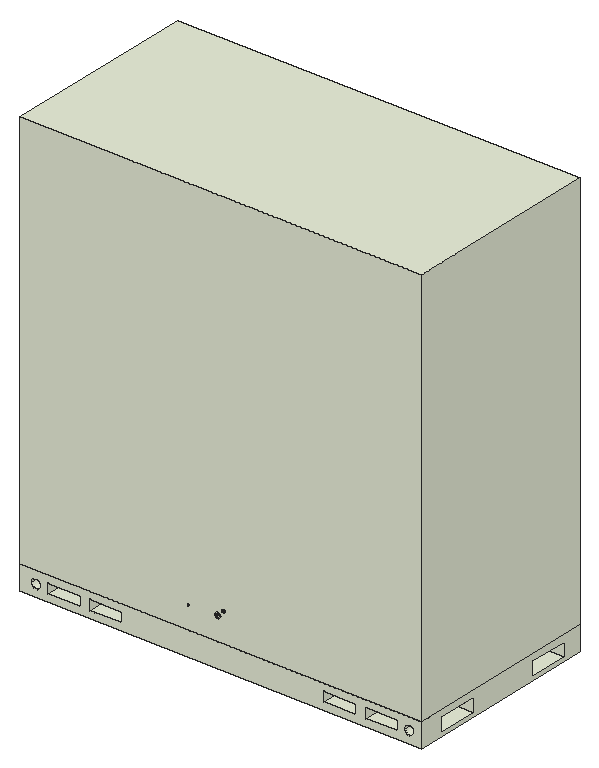
Revit family "AF5300A 67-73-79-85-90 C", category HLS-Bauteile, Revit 2017
Family settings
  Bemaßung runder Anschluss = Durchmesser verwenden
  Teiletyp = Normal
  OmniClass-Nummer = 23.75.00.00
  OmniClass-Titel = Climate Control (HVAC)
  Arbeitsebenenbasiert = Nein
  Immer vertikal = Ja
  Beim Laden mit Abzugskörper schneiden = Nein
  Gemeinsam genutzt = Nein
  Raumberechnungspunkt = Nein
Parameters (values of type "AF5300A 85 C-3")
  clearance access right = 1000.000 mm
  clearance access left = 1000.000 mm
  clearance access front = 1000.000 mm
  clearance access behind = 1000.000 mm
  clearance [instance] = no
  Width = 1730.000 mm
  URL = ""
  Series = "VRF"
  Power supply = "380-415V 3N~50Hz/60Hz"
  Net Weight = 475.00 kg
  Modell = "AF5300A 85 C-3"
  Minimum Circuit Amps = 64.9 A
  Maximum Fuse Amps = 80 A
  Hersteller = "Bosch"
  Machine material = Galvanized Steel
  Liquid pipe = 22.200 mm
  Installation = "Outdoor installation"
  Height = 1830.000 mm
  Heating Power Input = 23.000 kW
  Heating Capacity = 85.000 kW
  Gas pipe = 38.100 mm
  Gas = "R410A"
  Beschreibung = "High efficiency air cooled"
  Depth = 850.000 mm
  Cooling Power Input = 27.400 kW
  Cooling Capacity = 85.000 kW
  Condensation = "Air"
  Compressor = "2"
  Casing color = "White"
  Air Flow max = 24000.000 m³/h
Reference planes
  plane 1 "中心(前/后)": y = 0
  plane 2: z = 0
  plane 3 "中心(左/右)": x = 0
  plane 4: z = 30
  plane 5: z = 74
  plane 6: x = 405
  plane 7: x = -405
  plane 8: z = 52
  plane 9: x = -1105
  plane 10: y = -382
  plane 11: y = 468
  plane 12: x = 625
Forms (mm)
  Extrusion 1, solid, material "Galvanized Steel" <- "Machine material", detail levels medium+fine
    sketch origin (0, 0, 0) x (1, 0, 0) y (0, 1, 0)
      loop
        line (0, 468) -> (-1105, 468) -> (-1105, -382) -> (625, -382) -> (625, 468) -> (0, 468)
    from 0 to 104
  Extrusion 2, solid, material "Galvanized Steel" <- "Machine material", detail levels medium+fine
    sketch origin (0, 0, 0) x (1, 0, 0) y (0, 1, 0)
      loop
        line (-1105, 468) -> (-1105, -382) -> (625, -382) -> (625, 468) -> (-1105, 468)
    from 104 to 1830
  Extrusion 3, void
    sketch origin (0, 0, 0) x (0, 1, 0) y (0, 0, 1)
      loop
        line (-292, 104) -> (-292, 0) -> (366.346, 0) -> (366.346, 104) -> (-292, 104)
    from -1005 to 543.074
  Extrusion 4, void
    sketch origin (0, 0, 0) x (1, 0, 0) y (0, 0, 1)
      loop
        circle (573.216, 52) r 20
      loop
        line (383.216, 74) -> (383.216, 30) -> (523.216, 30) -> (523.216, 74) -> (383.216, 74)
      loop
        line (203.216, 74) -> (203.216, 30) -> (343.216, 30) -> (343.216, 74) -> (203.216, 74)
      loop
        circle (-1035.142, 52) r 20
      loop
        line (-845.142, 74) -> (-985.142, 74) -> (-985.142, 30) -> (-845.142, 30) -> (-845.142, 74)
      loop
        line (-665.142, 74) -> (-805.142, 74) -> (-805.142, 30) -> (-665.142, 30) -> (-665.142, 74)
    from -468 to 382
  Sweep 5, solid, material "Galvanized Steel" <- "Machine material", detail levels fine
    path origin (-45, 0, 30) x (0, 1, 0) y (0, 0, 1)
      loop
        line (-382, 170) -> (-165, 170)
        arc (-165, 170) -> (-147.322, 177.322) -> (-140, 195) r 25
        line (-140, 195) -> (-140, 280)
    profile origin (-45, -273.5, 200) x (0, 0, 1) y (1, 0, 0)
      loop
        circle (0, -335) r 3
      loop
        circle (0, -335) r 2.031
  Sweep 6, solid, material "Galvanized Steel" <- "Machine material", detail levels fine
    path origin (81.434, 0, 35) x (0, 1, 0) y (0, 0, 1)
      loop
        line (-382, 170) -> (-165, 170)
        arc (-165, 170) -> (-147.322, 177.322) -> (-140, 195) r 25
        line (-140, 195) -> (-140, 365)
    profile origin (81.434, -273.5, 205) x (0, 0, 1) y (1, 0, 0)
      loop
        circle (0, -335) r 11.1
      loop
        circle (0, -335) r 7.972
  Sweep 7, solid, material "Galvanized Steel" <- "Machine material", detail levels fine
    path origin (105.511, 0, 60) x (0, 1, 0) y (0, 0, 1)
      loop
        line (-382, 170) -> (-165, 170)
        arc (-165, 170) -> (-147.322, 177.322) -> (-140, 195) r 25
        line (-140, 195) -> (-140, 365)
    profile origin (105.511, -273.5, 230) x (0, 0, 1) y (1, 0, 0)
      loop
        circle (0, -335) r 7.95
      loop
        circle (0, -335) r 5
  Extrusion 8, void
    sketch origin (-1105, -382, 0) x (0, -1, 0) y (0, 0, -1)
      loop
        line (-280, -75) -> (-105, -75) -> (-105, -15) -> (-280, -15) -> (-280, -75)
      loop
        line (-595, -75) -> (-595, -15) -> (-770, -15) -> (-770, -75) -> (-595, -75)
    from 0 to 1730
  Extrusion 9, solid, material "Galvanized Steel" <- "Machine material", detail levels fine
    sketch origin (194.131, -1524, 170) x (1, 0, 0) y (0, 1, 0)
      loop
        line (-320.073, 1424) -> (-208.634, 1424) -> (-208.634, 1444) -> (-471.057, 1444) -> (-471.057, 1424) -> (-320.073, 1424)
    from -44 to 237.15
  Extrusion 10, solid, detail levels fine
    sketch origin (-461.926, 0, 0) x (0, 1, 0) y (0, 0, -1)
      loop
        circle (0, -226) r 10
    from -625 to -556.994
Cuts and joins
  Extrusion 3, Extrusion 4, Extrusion 8 cuts Extrusion 1
  Extrusion 3 cuts Extrusion 2
Lines and regions (mm)
  model lines, detail levels fine
    curve 1: circle (127.5, 2, 1830) r 200 normal (0, 0, 1)
    curve 2: circle (127.5, 2, 1830) r 160 normal (0, 0, 1)
    curve 3: circle (127.5, 2, 1830) r 120 normal (0, 0, 1)
    curve 4: circle (127.5, 2, 1830) r 80 normal (0, 0, 1)
    curve 5: circle (127.5, 2, 1830) r 40 normal (0, 0, 1)
    curve 6: circle (-792.5, 2, 1830) r 200 normal (0, 0, 1)
    curve 7: circle (-792.5, 2, 1830) r 160 normal (0, 0, 1)
    curve 8: circle (-792.5, 2, 1830) r 120 normal (0, 0, 1)
    curve 9: circle (-792.5, 2, 1830) r 80 normal (0, 0, 1)
    curve 10: circle (-792.5, 2, 1830) r 40 normal (0, 0, 1)
    curve 11: circle (127.5, 2, 1830) r 245.734 normal (0, 0, 1)
    curve 12: circle (-792.5, 2, 1830) r 240 normal (0, 0, 1)
    curve 13: arc (-792.5, 2, 1830) -> (-672.5, 122, 1830) -> (-792.5, 242, 1830) r 120
    curve 14: arc (-792.5, 2, 1830) -> (-672.5, -118, 1830) -> (-552.5, 2, 1830) r 120
    curve 15: arc (-792.5, 2, 1830) -> (-912.5, -118, 1830) -> (-792.5, -238, 1830) r 120
    curve 16: arc (-792.5, 2, 1830) -> (-912.5, 122, 1830) -> (-1032.5, 2, 1830) r 120
    curve 28: line (525, 468, 1824) -> (525, 468, 104)
    curve 29: arc (127.5, 2, 1830) -> (247.5, 122, 1830) -> (127.5, 242, 1830) r 120
    curve 30: arc (127.5, 2, 1830) -> (247.5, -118, 1830) -> (367.5, 2, 1830) r 120
    curve 31: arc (127.5, 2, 1830) -> (7.5, -118, 1830) -> (127.5, -238, 1830) r 120
    curve 32: arc (127.5, 2, 1830) -> (7.5, 122, 1830) -> (-112.5, 2, 1830) r 120
    curve 33: line (-1105, 408, 0) -> (-1105, 408, 1830)
    curve 34: line (-1105, 368, 1479.689) -> (-1105, 328, 1479.689)
    curve 35: line (-1105, 328, 1479.689) -> (-1105, 328, 1279.689)
    curve 36: line (-1105, 328, 1279.689) -> (-1105, 368, 1279.689)
    curve 37: line (-1105, 368, 1279.689) -> (-1105, 368, 1479.689)
    curve 38: line (-1105, 368, 723.406) -> (-1105, 328, 723.406)
    curve 39: line (-1105, 328, 723.406) -> (-1105, 328, 523.406)
    curve 40: line (-1105, 328, 523.406) -> (-1105, 368, 523.406)
    curve 41: line (-1105, 368, 523.406) -> (-1105, 368, 723.406)
    curve 42: line (-1105, 368, 995.969) -> (-1105, 328, 995.969)
    curve 43: line (-1105, 328, 995.969) -> (-1105, 328, 795.969)
    curve 44: line (-1105, 328, 795.969) -> (-1105, 368, 795.969)
    curve 45: line (-1105, 368, 795.969) -> (-1105, 368, 995.969)
    curve 46: line (-1105, 368, 426) -> (-1105, 328, 426)
    curve 47: line (-1105, 328, 426) -> (-1105, 328, 226)
    curve 48: line (-1105, 328, 226) -> (-1105, 368, 226)
    curve 49: line (-1105, 368, 226) -> (-1105, 368, 426)
    curve 50: line (-1105, 282, 1423.406) -> (-1105, 40, 1423.406)
    curve 51: line (-1105, 282, 1423.406) -> (-1105, 240.958, 1310.642)
    curve 52: line (-1105, 240.958, 1310.642) -> (-1105, -1.042, 1310.642)
    curve 53: line (-1105, 40, 1423.406) -> (-1105, -1.042, 1310.642)
    curve 54: line (-1105, -42, 1423.406) -> (-1105, -284, 1423.406)
    curve 55: line (-1105, -42, 1423.406) -> (-1105, -83.042, 1310.642)
    curve 56: line (-1105, -83.042, 1310.642) -> (-1105, -325.042, 1310.642)
    curve 57: line (-1105, -284, 1423.406) -> (-1105, -325.042, 1310.642)
    curve 58: line (-1105, 282, 1243.406) -> (-1105, 40, 1243.406)
    curve 59: line (-1105, 282, 1243.406) -> (-1105, 240.958, 1130.642)
    curve 60: line (-1105, 240.958, 1130.642) -> (-1105, -1.042, 1130.642)
    curve 61: line (-1105, 40, 1243.406) -> (-1105, -1.042, 1130.642)
    curve 62: line (-1105, -42, 1243.406) -> (-1105, -284, 1243.406)
    curve 63: line (-1105, -42, 1243.406) -> (-1105, -83.042, 1130.642)
    curve 64: line (-1105, -83.042, 1130.642) -> (-1105, -325.042, 1130.642)
    curve 65: line (-1105, -284, 1243.406) -> (-1105, -325.042, 1130.642)
    curve 66: line (-1105, 282, 1063.406) -> (-1105, 40, 1063.406)
    curve 67: line (-1105, 282, 1063.406) -> (-1105, 240.958, 950.642)
    curve 68: line (-1105, 240.958, 950.642) -> (-1105, -1.042, 950.642)
    curve 69: line (-1105, 40, 1063.406) -> (-1105, -1.042, 950.642)
    curve 70: line (-1105, -42, 1063.406) -> (-1105, -284, 1063.406)
    curve 71: line (-1105, -42, 1063.406) -> (-1105, -83.042, 950.642)
    curve 72: line (-1105, -83.042, 950.642) -> (-1105, -325.042, 950.642)
    curve 73: line (-1105, -284, 1063.406) -> (-1105, -325.042, 950.642)
    curve 74: line (-1105, 282, 883.406) -> (-1105, 40, 883.406)
    curve 75: line (-1105, 282, 883.406) -> (-1105, 240.958, 770.642)
    curve 76: line (-1105, 240.958, 770.642) -> (-1105, -1.042, 770.642)
    curve 77: line (-1105, 40, 883.406) -> (-1105, -1.042, 770.642)
    curve 78: line (-1105, -42, 883.406) -> (-1105, -284, 883.406)
    curve 79: line (-1105, -42, 883.406) -> (-1105, -83.042, 770.642)
    curve 80: line (-1105, -83.042, 770.642) -> (-1105, -325.042, 770.642)
    curve 81: line (-1105, -284, 883.406) -> (-1105, -325.042, 770.642)
    curve 82: line (-1105, 282, 703.406) -> (-1105, 40, 703.406)
    curve 83: line (-1105, 282, 703.406) -> (-1105, 240.958, 590.642)
    curve 84: line (-1105, 240.958, 590.642) -> (-1105, -1.042, 590.642)
    curve 85: line (-1105, 40, 703.406) -> (-1105, -1.042, 590.642)
    curve 86: line (-1105, -42, 703.406) -> (-1105, -284, 703.406)
    curve 87: line (-1105, -42, 703.406) -> (-1105, -83.042, 590.642)
    curve 88: line (-1105, -83.042, 590.642) -> (-1105, -325.042, 590.642)
    curve 89: line (-1105, -284, 703.406) -> (-1105, -325.042, 590.642)
    curve 90: line (-1105, 282, 523.406) -> (-1105, 40, 523.406)
    curve 91: line (-1105, 282, 523.406) -> (-1105, 240.958, 410.642)
    curve 92: line (-1105, 240.958, 410.642) -> (-1105, -1.042, 410.642)
    curve 93: line (-1105, 40, 523.406) -> (-1105, -1.042, 410.642)
    curve 94: line (-1105, -42, 523.406) -> (-1105, -284, 523.406)
    curve 95: line (-1105, -42, 523.406) -> (-1105, -83.042, 410.642)
    curve 96: line (-1105, -83.042, 410.642) -> (-1105, -325.042, 410.642)
    curve 97: line (-1105, -284, 523.406) -> (-1105, -325.042, 410.642)
    curve 98: line (-1105, 282, 343.406) -> (-1105, 40, 343.406)
    curve 99: line (-1105, 282, 343.406) -> (-1105, 240.958, 230.642)
    curve 100: line (-1105, 240.958, 230.642) -> (-1105, -1.042, 230.642)
    curve 101: line (-1105, 40, 343.406) -> (-1105, -1.042, 230.642)
    curve 102: line (-1105, -42, 343.406) -> (-1105, -284, 343.406)
    curve 103: line (-1105, -42, 343.406) -> (-1105, -83.042, 230.642)
    curve 104: line (-1105, -83.042, 230.642) -> (-1105, -325.042, 230.642)
    curve 105: line (-1105, -284, 343.406) -> (-1105, -325.042, 230.642)
    curve 106: line (-1105, 368, 1235.969) -> (-1105, 328, 1235.969)
    curve 107: line (-1105, 328, 1235.969) -> (-1105, 328, 1035.969)
    curve 108: line (-1105, 328, 1035.969) -> (-1105, 368, 1035.969)
    curve 109: line (-1105, 368, 1035.969) -> (-1105, 368, 1235.969)
    curve 110: line (-1105, 211.629, 1760.245) -> (-1105, -208.371, 1760.245)
    curve 111: line (-1105, -208.371, 1760.245) -> (-1105, -208.371, 1580.245)
    curve 112: line (-1105, -208.371, 1580.245) -> (-1105, 211.629, 1580.245)
    curve 113: line (-1105, 211.629, 1580.245) -> (-1105, 211.629, 1760.245)
    curve 114: line (625, 408, 0) -> (625, 408, 1830)
    curve 115: line (625, 368, 1479.689) -> (625, 328, 1479.689)
    curve 116: line (625, 328, 1479.689) -> (625, 328, 1279.689)
    curve 117: line (625, 328, 1279.689) -> (625, 368, 1279.689)
    curve 118: line (625, 368, 1279.689) -> (625, 368, 1479.689)
    curve 119: line (625, 368, 723.406) -> (625, 328, 723.406)
    curve 120: line (625, 328, 723.406) -> (625, 328, 523.406)
    curve 121: line (625, 328, 523.406) -> (625, 368, 523.406)
    curve 122: line (625, 368, 523.406) -> (625, 368, 723.406)
    curve 123: line (625, 368, 995.969) -> (625, 328, 995.969)
    curve 124: line (625, 328, 995.969) -> (625, 328, 795.969)
    curve 125: line (625, 328, 795.969) -> (625, 368, 795.969)
    curve 126: line (625, 368, 795.969) -> (625, 368, 995.969)
    curve 127: line (625, 368, 426) -> (625, 328, 426)
    curve 128: line (625, 328, 426) -> (625, 328, 226)
    curve 129: line (625, 328, 226) -> (625, 368, 226)
    curve 130: line (625, 368, 226) -> (625, 368, 426)
    curve 131: line (625, 282, 1423.406) -> (625, 40, 1423.406)
    curve 132: line (625, 282, 1423.406) -> (625, 240.958, 1310.642)
    curve 133: line (625, 240.958, 1310.642) -> (625, -1.042, 1310.642)
    curve 134: line (625, 40, 1423.406) -> (625, -1.042, 1310.642)
    curve 135: line (625, -42, 1423.406) -> (625, -284, 1423.406)
    curve 136: line (625, -42, 1423.406) -> (625, -83.042, 1310.642)
    curve 137: line (625, -83.042, 1310.642) -> (625, -325.042, 1310.642)
    curve 138: line (625, -284, 1423.406) -> (625, -325.042, 1310.642)
    curve 139: line (625, 282, 1243.406) -> (625, 40, 1243.406)
    curve 140: line (625, 282, 1243.406) -> (625, 240.958, 1130.642)
    curve 141: line (625, 240.958, 1130.642) -> (625, -1.042, 1130.642)
    curve 142: line (625, 40, 1243.406) -> (625, -1.042, 1130.642)
    curve 143: line (625, -42, 1243.406) -> (625, -284, 1243.406)
    curve 144: line (625, -42, 1243.406) -> (625, -83.042, 1130.642)
    curve 145: line (625, -83.042, 1130.642) -> (625, -325.042, 1130.642)
    curve 146: line (625, -284, 1243.406) -> (625, -325.042, 1130.642)
    curve 147: line (625, 282, 1063.406) -> (625, 40, 1063.406)
    curve 148: line (625, 282, 1063.406) -> (625, 240.958, 950.642)
    curve 149: line (625, 240.958, 950.642) -> (625, -1.042, 950.642)
    curve 150: line (625, 40, 1063.406) -> (625, -1.042, 950.642)
    curve 151: line (625, -42, 1063.406) -> (625, -284, 1063.406)
    curve 152: line (625, -42, 1063.406) -> (625, -83.042, 950.642)
    curve 153: line (625, -83.042, 950.642) -> (625, -325.042, 950.642)
    curve 154: line (625, -284, 1063.406) -> (625, -325.042, 950.642)
    curve 155: line (625, 282, 883.406) -> (625, 40, 883.406)
    curve 156: line (625, 282, 883.406) -> (625, 240.958, 770.642)
    curve 157: line (625, 240.958, 770.642) -> (625, -1.042, 770.642)
    curve 158: line (625, 40, 883.406) -> (625, -1.042, 770.642)
    curve 159: line (625, -42, 883.406) -> (625, -284, 883.406)
    curve 160: line (625, -42, 883.406) -> (625, -83.042, 770.642)
    curve 161: line (625, -83.042, 770.642) -> (625, -325.042, 770.642)
    curve 162: line (625, -284, 883.406) -> (625, -325.042, 770.642)
    curve 163: line (625, 282, 703.406) -> (625, 40, 703.406)
    curve 164: line (625, 282, 703.406) -> (625, 240.958, 590.642)
    curve 165: line (625, 240.958, 590.642) -> (625, -1.042, 590.642)
    curve 166: line (625, 40, 703.406) -> (625, -1.042, 590.642)
    curve 167: line (625, -42, 703.406) -> (625, -284, 703.406)
    curve 168: line (625, -42, 703.406) -> (625, -83.042, 590.642)
    curve 169: line (625, -83.042, 590.642) -> (625, -325.042, 590.642)
    curve 170: line (625, -284, 703.406) -> (625, -325.042, 590.642)
    curve 171: line (625, 282, 523.406) -> (625, 40, 523.406)
    curve 172: line (625, 282, 523.406) -> (625, 240.958, 410.642)
    curve 173: line (625, 240.958, 410.642) -> (625, -1.042, 410.642)
    curve 174: line (625, 40, 523.406) -> (625, -1.042, 410.642)
    curve 175: line (625, -42, 523.406) -> (625, -284, 523.406)
    curve 176: line (625, -42, 523.406) -> (625, -83.042, 410.642)
    curve 177: line (625, -83.042, 410.642) -> (625, -325.042, 410.642)
    curve 178: line (625, -284, 523.406) -> (625, -325.042, 410.642)
    curve 179: line (625, 282, 343.406) -> (625, 40, 343.406)
    curve 180: line (625, 282, 343.406) -> (625, 240.958, 230.642)
    curve 181: line (625, 240.958, 230.642) -> (625, -1.042, 230.642)
    curve 182: line (625, 40, 343.406) -> (625, -1.042, 230.642)
    curve 183: line (625, -42, 343.406) -> (625, -284, 343.406)
    curve 184: line (625, -42, 343.406) -> (625, -83.042, 230.642)
    curve 185: line (625, -83.042, 230.642) -> (625, -325.042, 230.642)
    curve 186: line (625, -284, 343.406) -> (625, -325.042, 230.642)
    curve 187: line (625, 368, 1235.969) -> (625, 328, 1235.969)
    curve 188: line (625, 328, 1235.969) -> (625, 328, 1035.969)
    curve 189: line (625, 328, 1035.969) -> (625, 368, 1035.969)
    curve 190: line (625, 368, 1035.969) -> (625, 368, 1235.969)
    curve 191: line (-240, -382, 126) -> (-240, -382, 1830)
    curve 192: line (-295, -382, 126) -> (-295, -382, 1830)
    curve 193: line (-180, 468, 1830) -> (-180, 468, 104)
    curve 194: line (-276.926, 468, 1830) -> (-276.926, 468, 104)
    curve 195: line (-197.788, 468, 1517.476) -> (-262.788, 468, 1517.476)
    curve 196: line (-262.788, 468, 1517.476) -> (-262.788, 468, 1385.054)
    curve 197: line (-262.788, 468, 1385.054) -> (-197.788, 468, 1385.054)
    curve 198: line (-197.788, 468, 1385.054) -> (-197.788, 468, 1517.476)
    curve 199: line (-197.788, 468, 1362.476) -> (-262.788, 468, 1362.476)
    curve 200: line (-262.788, 468, 1362.476) -> (-262.788, 468, 1230.054)
    curve 201: line (-262.788, 468, 1230.054) -> (-197.788, 468, 1230.054)
    curve 202: line (-197.788, 468, 1230.054) -> (-197.788, 468, 1362.476)
    curve 203: line (-197.788, 468, 1207.476) -> (-262.788, 468, 1207.476)
    curve 204: line (-262.788, 468, 1207.476) -> (-262.788, 468, 1075.054)
    curve 205: line (-262.788, 468, 1075.054) -> (-197.788, 468, 1075.054)
    curve 206: line (-197.788, 468, 1075.054) -> (-197.788, 468, 1207.476)
    curve 207: line (-197.788, 468, 1052.476) -> (-262.788, 468, 1052.476)
    curve 208: line (-262.788, 468, 1052.476) -> (-262.788, 468, 920.054)
    curve 209: line (-262.788, 468, 920.054) -> (-197.788, 468, 920.054)
    curve 210: line (-197.788, 468, 920.054) -> (-197.788, 468, 1052.476)
    curve 211: line (-197.788, 468, 897.476) -> (-262.788, 468, 897.476)
    curve 212: line (-262.788, 468, 897.476) -> (-262.788, 468, 765.054)
    curve 213: line (-262.788, 468, 765.054) -> (-197.788, 468, 765.054)
    curve 214: line (-197.788, 468, 765.054) -> (-197.788, 468, 897.476)
    curve 215: line (-197.788, 468, 742.476) -> (-262.788, 468, 742.476)
    curve 216: line (-262.788, 468, 742.476) -> (-262.788, 468, 610.054)
    curve 217: line (-262.788, 468, 610.054) -> (-197.788, 468, 610.054)
    curve 218: line (-197.788, 468, 610.054) -> (-197.788, 468, 742.476)
    curve 219: line (-197.788, 468, 587.476) -> (-262.788, 468, 587.476)
    curve 220: line (-262.788, 468, 587.476) -> (-262.788, 468, 455.054)
    curve 221: line (-262.788, 468, 455.054) -> (-197.788, 468, 455.054)
    curve 222: line (-197.788, 468, 455.054) -> (-197.788, 468, 587.476)
    curve 223: line (-197.788, 468, 432.476) -> (-262.788, 468, 432.476)
    curve 224: line (-262.788, 468, 432.476) -> (-262.788, 468, 300.054)
    curve 225: line (-262.788, 468, 300.054) -> (-197.788, 468, 300.054)
    curve 226: line (-197.788, 468, 300.054) -> (-197.788, 468, 432.476)
    curve 227: line (-197.788, 468, 277.476) -> (-262.788, 468, 277.476)
    curve 228: line (-262.788, 468, 277.476) -> (-262.788, 468, 145.054)
    curve 229: line (-262.788, 468, 145.054) -> (-197.788, 468, 145.054)
    curve 230: line (-197.788, 468, 145.054) -> (-197.788, 468, 277.476)
    curve 231: line (367.5, 468, 1530.969) -> (367.5, 468, 104)
    curve 232: line (456.344, 468, 1490.479) -> (-23.656, 468, 1490.479)
    curve 233: line (-23.656, 468, 1490.479) -> (-23.656, 468, 1190.479)
    curve 234: line (-23.656, 468, 1190.479) -> (456.344, 468, 1190.479)
    curve 235: line (474.418, 468, 144.49) -> (-23.656, 468, 144.49)
    curve 236: line (-23.656, 468, 144.49) -> (-23.656, 468, 444.49)
    curve 237: line (-23.656, 468, 444.49) -> (456.344, 468, 444.49)
    curve 238: line (456.344, 468, 667.484) -> (-23.656, 468, 667.484)
    curve 239: line (-23.656, 468, 667.484) -> (-23.656, 468, 967.484)
    curve 240: line (-23.656, 468, 967.484) -> (456.344, 468, 967.484)
    curve 241: line (-204.073, -382, 1085.054) -> (-24.073, -382, 1085.054)
    curve 242: line (-204.073, -382, 1105.054) -> (-24.073, -382, 1105.054)
    curve 243: line (-204.073, -382, 1125.054) -> (-24.073, -382, 1125.054)
    curve 244: line (-204.073, -382, 1145.054) -> (-24.073, -382, 1145.054)
    curve 245: line (-204.073, -382, 1165.054) -> (-24.073, -382, 1165.054)
    curve 246: line (-204.073, -382, 1185.054) -> (-24.073, -382, 1185.054)
    curve 247: line (-204.073, -382, 1205.054) -> (-24.073, -382, 1205.054)
    curve 248: line (-204.073, -382, 1225.054) -> (-24.073, -382, 1225.054)
    curve 249: line (-204.073, -382, 1245.054) -> (-24.073, -382, 1245.054)
    curve 250: line (-204.073, -382, 1265.054) -> (-24.073, -382, 1265.054)
    curve 251: line (-204.073, -382, 1285.054) -> (-24.073, -382, 1285.054)
    curve 252: line (-204.073, -382, 1305.054) -> (-24.073, -382, 1305.054)
    curve 253: line (-204.073, -382, 1325.054) -> (-24.073, -382, 1325.054)
    curve 254: line (-204.073, -382, 1345.054) -> (-24.073, -382, 1345.054)
    curve 255: line (-204.073, -382, 1365.054) -> (-24.073, -382, 1365.054)
    curve 256: line (-204.073, -382, 1385.054) -> (-24.073, -382, 1385.054)
    curve 257: line (-204.073, -382, 1405.054) -> (-24.073, -382, 1405.054)
    curve 258: line (-204.073, -382, 1425.054) -> (-24.073, -382, 1425.054)
    curve 259: line (-204.073, -382, 1445.054) -> (-24.073, -382, 1445.054)
    curve 260: line (35.927, -382, 1085.054) -> (215.927, -382, 1085.054)
    curve 261: line (35.927, -382, 1105.054) -> (215.927, -382, 1105.054)
    curve 262: line (35.927, -382, 1125.054) -> (215.927, -382, 1125.054)
    curve 263: line (35.927, -382, 1145.054) -> (215.927, -382, 1145.054)
    curve 264: line (35.927, -382, 1165.054) -> (215.927, -382, 1165.054)
    curve 265: line (35.927, -382, 1185.054) -> (215.927, -382, 1185.054)
    curve 266: line (35.927, -382, 1205.054) -> (215.927, -382, 1205.054)
    curve 267: line (35.927, -382, 1225.054) -> (215.927, -382, 1225.054)
    curve 268: line (35.927, -382, 1245.054) -> (215.927, -382, 1245.054)
    curve 269: line (35.927, -382, 1265.054) -> (215.927, -382, 1265.054)
    curve 270: line (35.927, -382, 1285.054) -> (215.927, -382, 1285.054)
    curve 271: line (35.927, -382, 1305.054) -> (215.927, -382, 1305.054)
    curve 272: line (35.927, -382, 1325.054) -> (215.927, -382, 1325.054)
    curve 273: line (35.927, -382, 1345.054) -> (215.927, -382, 1345.054)
    curve 274: line (35.927, -382, 1365.054) -> (215.927, -382, 1365.054)
    curve 275: line (35.927, -382, 1385.054) -> (215.927, -382, 1385.054)
    curve 276: line (35.927, -382, 1405.054) -> (215.927, -382, 1405.054)
    curve 277: line (35.927, -382, 1425.054) -> (215.927, -382, 1425.054)
    curve 278: line (35.927, -382, 1445.054) -> (215.927, -382, 1445.054)
    curve 279: line (275.927, -382, 1085.054) -> (455.927, -382, 1085.054)
    curve 280: line (275.927, -382, 1105.054) -> (455.927, -382, 1105.054)
    curve 281: line (275.927, -382, 1125.054) -> (455.927, -382, 1125.054)
    curve 282: line (275.927, -382, 1145.054) -> (455.927, -382, 1145.054)
    curve 283: line (275.927, -382, 1165.054) -> (455.927, -382, 1165.054)
    curve 284: line (275.927, -382, 1185.054) -> (455.927, -382, 1185.054)
    curve 285: line (275.927, -382, 1205.054) -> (455.927, -382, 1205.054)
    curve 286: line (275.927, -382, 1225.054) -> (455.927, -382, 1225.054)
    curve 287: line (275.927, -382, 1245.054) -> (455.927, -382, 1245.054)
    curve 288: line (275.927, -382, 1265.054) -> (455.927, -382, 1265.054)
    curve 289: line (275.927, -382, 1285.054) -> (455.927, -382, 1285.054)
    curve 290: line (275.927, -382, 1305.054) -> (455.927, -382, 1305.054)
    curve 291: line (275.927, -382, 1325.054) -> (455.927, -382, 1325.054)
    curve 292: line (275.927, -382, 1345.054) -> (455.927, -382, 1345.054)
    curve 293: line (275.927, -382, 1365.054) -> (455.927, -382, 1365.054)
    curve 294: line (275.927, -382, 1385.054) -> (455.927, -382, 1385.054)
    curve 295: line (275.944, -382, 1405.054) -> (455.927, -382, 1405.054)
    curve 296: line (275.927, -382, 1425.054) -> (455.927, -382, 1425.054)
    curve 297: line (275.927, -382, 1445.054) -> (455.927, -382, 1445.054)
    curve 298: line (-204.073, -382, 870.946) -> (-24.073, -382, 870.946)
    curve 299: line (-204.073, -382, 850.946) -> (-24.073, -382, 850.946)
    curve 300: line (-204.073, -382, 830.946) -> (-24.073, -382, 830.946)
    curve 301: line (-204.073, -382, 810.946) -> (-24.073, -382, 810.946)
    curve 302: line (-204.073, -382, 790.946) -> (-24.073, -382, 790.946)
    curve 303: line (-204.073, -382, 770.946) -> (-24.073, -382, 770.946)
    curve 304: line (-204.073, -382, 750.946) -> (-24.073, -382, 750.946)
    curve 305: line (-204.073, -382, 730.946) -> (-24.073, -382, 730.946)
    curve 306: line (-204.073, -382, 710.946) -> (-24.073, -382, 710.946)
    curve 307: line (-204.073, -382, 690.946) -> (-24.073, -382, 690.946)
    curve 308: line (-204.073, -382, 670.946) -> (-24.073, -382, 670.946)
    curve 309: line (-204.073, -382, 650.946) -> (-24.073, -382, 650.946)
    curve 310: line (-204.073, -382, 630.946) -> (-24.073, -382, 630.946)
    curve 311: line (-204.073, -382, 610.946) -> (-24.073, -382, 610.946)
    curve 312: line (-204.073, -382, 590.946) -> (-24.073, -382, 590.946)
    curve 313: line (-204.073, -382, 570.946) -> (-24.073, -382, 570.946)
    curve 314: line (-204.073, -382, 550.946) -> (-24.073, -382, 550.946)
    curve 315: line (-204.073, -382, 530.946) -> (-24.073, -382, 530.946)
    curve 316: line (-204.073, -382, 510.946) -> (-24.073, -382, 510.946)
    curve 317: line (35.927, -382, 870.946) -> (215.927, -382, 870.946)
    curve 318: line (35.927, -382, 850.946) -> (215.927, -382, 850.946)
    curve 319: line (35.927, -382, 830.946) -> (215.927, -382, 830.946)
    curve 320: line (35.927, -382, 810.946) -> (215.927, -382, 810.946)
    curve 321: line (35.927, -382, 790.946) -> (215.927, -382, 790.946)
    curve 322: line (35.927, -382, 770.946) -> (215.927, -382, 770.946)
    curve 323: line (35.927, -382, 750.946) -> (215.927, -382, 750.946)
    curve 324: line (35.927, -382, 730.946) -> (215.927, -382, 730.946)
    curve 325: line (35.927, -382, 710.946) -> (215.927, -382, 710.946)
    curve 326: line (35.927, -382, 690.946) -> (215.927, -382, 690.946)
    curve 327: line (35.927, -382, 670.946) -> (215.927, -382, 670.946)
    curve 328: line (35.927, -382, 650.946) -> (215.927, -382, 650.946)
    curve 329: line (35.927, -382, 630.946) -> (215.927, -382, 630.946)
    curve 330: line (35.927, -382, 610.946) -> (215.927, -382, 610.946)
    curve 331: line (35.927, -382, 590.946) -> (215.927, -382, 590.946)
    curve 332: line (35.927, -382, 570.946) -> (215.927, -382, 570.946)
    curve 333: line (35.927, -382, 550.946) -> (215.927, -382, 550.946)
    curve 334: line (35.927, -382, 530.946) -> (215.927, -382, 530.946)
    curve 335: line (35.927, -382, 510.946) -> (215.927, -382, 510.946)
    curve 336: line (275.927, -382, 870.946) -> (455.927, -382, 870.946)
    curve 337: line (275.927, -382, 850.946) -> (455.927, -382, 850.946)
    curve 338: line (275.927, -382, 830.946) -> (455.927, -382, 830.946)
    curve 339: line (275.927, -382, 810.946) -> (455.927, -382, 810.946)
    curve 340: line (275.927, -382, 790.946) -> (455.927, -382, 790.946)
    curve 341: line (275.927, -382, 770.946) -> (455.927, -382, 770.946)
    curve 342: line (275.927, -382, 750.946) -> (455.927, -382, 750.946)
    curve 343: line (275.927, -382, 730.946) -> (455.927, -382, 730.946)
    curve 344: line (275.927, -382, 710.946) -> (455.927, -382, 710.946)
    curve 345: line (275.927, -382, 690.946) -> (455.927, -382, 690.946)
    curve 346: line (275.927, -382, 670.946) -> (455.927, -382, 670.946)
    curve 347: line (275.927, -382, 650.946) -> (455.927, -382, 650.946)
    curve 348: line (275.927, -382, 630.946) -> (455.927, -382, 630.946)
    curve 349: line (275.927, -382, 610.946) -> (455.927, -382, 610.946)
    curve 350: line (275.927, -382, 590.946) -> (455.927, -382, 590.946)
    curve 351: line (275.927, -382, 570.946) -> (455.927, -382, 570.946)
    curve 352: line (275.927, -382, 550.946) -> (455.927, -382, 550.946)
    curve 353: line (275.927, -382, 530.946) -> (455.927, -382, 530.946)
    curve 354: line (275.927, -382, 510.946) -> (455.927, -382, 510.946)
    curve 355: line (-204.073, -382, 495.946) -> (-24.073, -382, 495.946)
    curve 356: line (-204.073, -382, 475.946) -> (-24.073, -382, 475.946)
    curve 357: line (-204.073, -382, 455.946) -> (-24.073, -382, 455.946)
    curve 358: line (-204.073, -382, 435.946) -> (-24.073, -382, 435.946)
    curve 359: line (-204.073, -382, 415.946) -> (-24.073, -382, 415.946)
    curve 360: line (35.927, -382, 495.946) -> (215.927, -382, 495.946)
    curve 361: line (35.927, -382, 475.946) -> (215.927, -382, 475.946)
    curve 362: line (35.927, -382, 455.946) -> (215.927, -382, 455.946)
    curve 363: line (35.927, -382, 435.946) -> (215.927, -382, 435.946)
    curve 364: line (35.927, -382, 415.946) -> (215.927, -382, 415.946)
    curve 365: line (275.927, -382, 495.946) -> (455.927, -382, 495.946)
    curve 366: line (275.927, -382, 475.946) -> (455.927, -382, 475.946)
    curve 367: line (275.927, -382, 455.946) -> (455.927, -382, 455.946)
    curve 368: line (275.927, -382, 435.946) -> (455.927, -382, 435.946)
    curve 369: line (275.927, -382, 415.946) -> (455.927, -382, 415.946)
    curve 370: line (-204.073, -382, 400) -> (-24.073, -382, 400)
    curve 371: line (-204.073, -382, 380) -> (-24.073, -382, 380)
    curve 372: line (-204.073, -382, 360) -> (-24.073, -382, 360)
    curve 373: line (-204.073, -382, 340) -> (-24.073, -382, 340)
    curve 374: line (-204.073, -382, 320) -> (-24.073, -382, 320)
    curve 375: line (35.927, -382, 400) -> (215.927, -382, 400)
    curve 376: line (35.927, -382, 380) -> (215.927, -382, 380)
    curve 377: line (35.927, -382, 360) -> (215.927, -382, 360)
    curve 378: line (35.927, -382, 340) -> (215.927, -382, 340)
    curve 379: line (35.927, -382, 320) -> (215.927, -382, 320)
    curve 380: line (275.927, -382, 400) -> (455.927, -382, 400)
    curve 381: line (275.927, -382, 380) -> (455.927, -382, 380)
    curve 382: line (275.927, -382, 360) -> (455.927, -382, 360)
    curve 383: line (275.927, -382, 340) -> (455.927, -382, 340)
    curve 384: line (275.927, -382, 320) -> (455.927, -382, 320)
    curve 385: line (-204.073, -382, 305) -> (-24.073, -382, 305)
    curve 386: line (-204.073, -382, 285) -> (-24.073, -382, 285)
    curve 387: line (-204.073, -382, 265) -> (-24.073, -382, 265)
    curve 388: line (-204.073, -382, 245) -> (-24.073, -382, 245)
    curve 389: line (-204.073, -382, 225) -> (-24.073, -382, 225)
    curve 390: line (35.927, -382, 305) -> (215.927, -382, 305)
    curve 391: line (35.927, -382, 285) -> (215.927, -382, 285)
    curve 392: line (35.927, -382, 265) -> (215.927, -382, 265)
    curve 393: line (35.927, -382, 245) -> (215.927, -382, 245)
    curve 394: line (35.927, -382, 225) -> (215.927, -382, 225)
    curve 395: line (275.927, -382, 305) -> (455.927, -382, 305)
    curve 396: line (275.927, -382, 285) -> (455.927, -382, 285)
    curve 397: line (275.927, -382, 265) -> (455.927, -382, 265)
    curve 398: line (275.927, -382, 245) -> (455.927, -382, 245)
    curve 399: line (275.927, -382, 225) -> (455.927, -382, 225)
    curve 400: line (113.074, 468, 1530.969) -> (113.074, 468, 104)
    curve 401: line (474.418, 468, 1490.479) -> (-5.582, 468, 1490.479)
    curve 402: line (-5.582, 468, 1190.479) -> (474.418, 468, 1190.479)
    curve 403: line (474.418, 468, 1190.479) -> (474.418, 468, 1490.479)
    curve 404: line (-5.582, 468, 444.49) -> (474.418, 468, 444.49)
    curve 405: line (474.418, 468, 444.49) -> (474.418, 468, 144.49)
    curve 406: line (474.418, 468, 667.484) -> (-5.582, 468, 667.484)
    curve 407: line (-5.582, 468, 967.484) -> (474.418, 468, 967.484)
    curve 408: line (474.418, 468, 967.484) -> (474.418, 468, 667.484)
    curve 409: line (-1015, -382, 104) -> (-1015, -382, 1830)
    curve 410: line (553.074, -382, 104) -> (553.074, -382, 1830)
    curve 412: line (-829.426, 468, 1530.969) -> (-829.426, 468, 104)
    curve 413: line (-438.269, 468, 1490.479) -> (-438.269, 468, 1190.479)
    curve 414: line (-936.344, 468, 144.49) -> (-438.269, 468, 144.49)
    curve 415: line (-438.269, 468, 144.49) -> (-438.269, 468, 444.49)
    curve 416: line (-438.269, 468, 667.484) -> (-438.269, 468, 967.484)
    curve 417: line (-575, 468, 1530.969) -> (-575, 468, 104)
    curve 418: line (-936.344, 468, 1490.479) -> (-438.269, 468, 1490.479)
    curve 419: line (-438.269, 468, 1190.479) -> (-936.344, 468, 1190.479)
    curve 420: line (-936.344, 468, 1190.479) -> (-936.344, 468, 1490.479)
    curve 421: line (-438.269, 468, 444.49) -> (-936.344, 468, 444.49)
    curve 422: line (-936.344, 468, 444.49) -> (-936.344, 468, 144.49)
    curve 423: line (-936.344, 468, 667.484) -> (-438.269, 468, 667.484)
    curve 424: line (-438.269, 468, 967.484) -> (-936.344, 468, 967.484)
    curve 425: line (-936.344, 468, 967.484) -> (-936.344, 468, 667.484)
    curve 426: line (-1105, 468, 1530.969) -> (625, 468, 1530.969)
    curve 475: line (-1105, -382, 967.484) -> (625, -382, 967.484)
  model lines
    curve 17: line (625, -382, 1830) -> (-1105, -382, 1830)
    curve 18: line (-1105, -382, 1830) -> (-1105, 468, 1830)
    curve 19: line (-1105, 468, 1830) -> (625, 468, 1830)
    curve 20: line (625, 468, 1830) -> (625, -382, 1830)
    curve 21: line (-1105, 468, 0) -> (-1105, -382, 0)
    curve 22: line (-1105, -382, 0) -> (625, -382, 0)
    curve 23: line (625, -382, 0) -> (625, 468, 0)
    curve 24: line (625, 468, 0) -> (-1105, 468, 0)
    curve 25: line (-1105, -382, 0) -> (-1105, -382, 1830)
    curve 26: line (625, -382, 1830) -> (625, -382, 0)
    curve 27: line (625, 468, 0) -> (625, 468, 1830)
    curve 411: line (-1105, 468, 0) -> (-1105, 468, 1830)
  model lines, detail levels medium+fine
    curve 427: circle (-693.693, -382, 1265.054) r 120 normal (0, 1, 0)
    curve 428: line (-647.96, -382, 1305.054) -> (-739.426, -382, 1305.054)
    curve 429: line (-647.96, -382, 1225.054) -> (-739.426, -382, 1225.054)
    curve 430: line (-739.426, -382, 1325.054) -> (-739.426, -382, 1205.054)
    curve 431: arc (-739.426, -382, 1325.054) -> (-769.966, -382, 1265.054) -> (-739.426, -382, 1205.054) r 74.21
    curve 432: line (-647.96, -382, 1325.054) -> (-647.96, -382, 1205.054)
    curve 433: arc (-647.96, -382, 1325.054) -> (-617.42, -382, 1265.054) -> (-647.96, -382, 1205.054) r 74.21
    curve 434: circle (-1105, 154.842, 1670.245) r 40 normal (1, 0, 0)
    curve 435: line (-1105, 174.842, 1685.245) -> (-1105, 174.842, 1655.245)
    curve 436: line (-1105, 134.842, 1685.245) -> (-1105, 134.842, 1655.245)
    curve 437: arc (-1105, 174.842, 1685.245) -> (-1105, 182.494, 1670.245) -> (-1105, 174.842, 1655.245) r 18.528
    curve 438: arc (-1105, 134.842, 1685.245) -> (-1105, 127.191, 1670.245) -> (-1105, 134.842, 1655.245) r 18.528
    curve 439: line (-1105, 174.842, 1676.154) -> (-1105, 134.842, 1676.154)
    curve 440: line (-1105, 174.842, 1664.337) -> (-1105, 134.842, 1664.337)
    curve 441: line (-1105, 83.615, 1704.381) -> (-1105, 83.615, 1652.36)
    curve 442: spline (-1105, 23.615, 1703.893) -> (-1105, 20.38, 1702.948) -> (-1105, 17.365, 1700.177) -> (-1105, 14.776, 1695.768) -> (-1105, 12.79, 1690.023) -> (-1105, 11.541, 1683.333) -> (-1105, 11.115, 1676.154) -> (-1105, 11.541, 1668.975) -> (-1105, 12.79, 1662.284) -> (-1105, 14.776, 1656.539) -> (-1105, 17.365, 1652.131) -> (-1105, 20.38, 1649.36) -> (-1105, 23.615, 1648.415) -> (-1105, 26.85, 1649.36) -> (-1105, 29.865, 1652.131) -> (-1105, 32.454, 1656.539) -> (-1105, 34.44, 1662.284) -> (-1105, 35.689, 1668.975) -> (-1105, 36.115, 1676.154) -> (-1105, 35.689, 1683.333) -> (-1105, 34.44, 1690.023) -> (-1105, 32.454, 1695.768) -> (-1105, 29.865, 1700.177) -> (-1105, 26.85, 1702.948) -> (-1105, 23.615, 1703.893)
    curve 443: arc (-1105, 58.566, 1676.082) -> (-1105, 58.133, 1650.538) -> (-1105, 83.615, 1652.36) r 17.317
    curve 444: line (-1105, 78.65, 1698.045) -> (-1105, 78.65, 1678.154)
    curve 445: line (-1105, 78.65, 1678.154) -> (-1105, 63.65, 1678.154)
    curve 446: line (-1105, 78.65, 1678.154) -> (-1105, 78.65, 1698.045)
    curve 447: spline (-1105, 78.65, 1698.045) -> (-1105, 76.01, 1699.504) -> (-1105, 73.04, 1700.185) -> (-1105, 69.94, 1700.043) -> (-1105, 66.923, 1699.087) -> (-1105, 64.194, 1697.382) -> (-1105, 61.939, 1695.045) -> (-1105, 60.312, 1692.234) -> (-1105, 59.423, 1689.142) -> (-1105, 59.333, 1685.978) -> (-1105, 60.049, 1682.959) -> (-1105, 61.521, 1680.29) -> (-1105, 63.65, 1678.154)
    curve 448: line (-1105, 79.734, 1672.298) -> (-1105, 62.565, 1672.298)
    curve 449: line (-1105, 79.734, 1672.298) -> (-1105, 79.734, 1652.298)
    curve 450: spline (-1105, 23.615, 1709.139) -> (-1105, 19.474, 1708.015) -> (-1105, 15.615, 1704.72) -> (-1105, 12.301, 1699.478) -> (-1105, 9.759, 1692.647) -> (-1105, 8.16, 1684.691) -> (-1105, 7.615, 1676.154) -> (-1105, 8.16, 1667.617) -> (-1105, 9.759, 1659.661) -> (-1105, 12.301, 1652.83) -> (-1105, 15.615, 1647.588) -> (-1105, 19.474, 1644.293) -> (-1105, 23.615, 1643.169) -> (-1105, 27.756, 1644.293) -> (-1105, 31.615, 1647.588) -> (-1105, 34.929, 1652.83) -> (-1105, 37.472, 1659.661) -> (-1105, 39.07, 1667.617) -> (-1105, 39.615, 1676.154) -> (-1105, 39.07, 1684.691) -> (-1105, 37.472, 1692.647) -> (-1105, 34.929, 1699.478) -> (-1105, 31.615, 1704.72) -> (-1105, 27.756, 1708.015) -> (-1105, 23.615, 1709.139)
    curve 451: line (-1105, -33.814, 1705.823) -> (-1105, -33.814, 1700.823)
    curve 452: line (-1105, -15.69, 1686.193) -> (-1105, -9.433, 1646.685)
    curve 453: line (-1105, -15.69, 1686.193) -> (-1105, -33.814, 1700.823)
    curve 454: line (-1105, -9.658, 1688.909) -> (-1105, -9.658, 1650.995)
    curve 455: line (-1105, -9.658, 1688.909) -> (-1105, -33.814, 1705.823)
    curve 456: line (-1105, -9.433, 1646.685) -> (-1105, -9.433, 1651.685)
    curve 457: arc (-1105, -88.467, 1703.088) -> (-1105, -58.467, 1673.088) -> (-1105, -88.467, 1643.088) r 30
    curve 458: arc (-1105, -88.467, 1695.245) -> (-1105, -66.687, 1673.465) -> (-1105, -88.467, 1651.685) r 21.78
    curve 459: line (-1105, -88.467, 1703.088) -> (-1105, -88.467, 1695.245)
    curve 460: line (-1105, -88.467, 1651.685) -> (-1105, -88.467, 1643.088)
    curve 461: line (-1105, -110.543, 1704.106) -> (-1105, -110.543, 1639.106)
    curve 462: line (-1105, -110.543, 1639.106) -> (-1105, -115.543, 1639.106)
    curve 463: line (-1105, -115.543, 1639.106) -> (-1105, -115.543, 1664.106)
    curve 464: line (-1105, -115.543, 1664.106) -> (-1105, -135.543, 1664.106)
    curve 465: line (-1105, -135.543, 1664.106) -> (-1105, -135.543, 1639.106)
    curve 466: line (-1105, -135.543, 1639.106) -> (-1105, -140.543, 1639.106)
    curve 467: line (-1105, -140.543, 1639.106) -> (-1105, -140.543, 1704.106)
    curve 468: line (-1105, -135.543, 1704.106) -> (-1105, -135.543, 1673.26)
    curve 469: line (-1105, -135.543, 1673.26) -> (-1105, -115.543, 1673.26)
    curve 470: line (-1105, -115.543, 1673.26) -> (-1105, -115.543, 1704.106)
    curve 471: line (-1105, -115.543, 1704.106) -> (-1105, -110.543, 1704.106)
    curve 472: arc (-1105, 83.615, 1704.381) -> (-1105, 59.286, 1700.68) -> (-1105, 58.566, 1676.082) r 19.207
    curve 473: arc (-1105, 79.734, 1652.298) -> (-1105, 62.655, 1655.005) -> (-1105, 62.565, 1672.298) r 13.355
    curve 474: line (-1105, -140.543, 1704.106) -> (-1105, -135.543, 1704.106)
Dimensions and locks
  "clearance access right": nested 2 to nested 2
  "clearance access behind": nested 3 to nested 3
  "clearance access left": nested 4 to nested 4
  "clearance access front": nested 1 to nested 1
  aligned and locked: level to plane 2
Automatic sketch dimensions
  Extrusion 1 sketch curve to plane 9 = 0.000 mm
  Extrusion 1 sketch curve to plane 3 "中心(左/右)" = 0.000 mm
  Extrusion 1 sketch curve to plane 11 = 0.000 mm
  Extrusion 1 sketch curve to plane 10 = 0.000 mm
  plane 3 "中心(左/右)" to Extrusion 1 sketch curve = 625.000 mm
  Extrusion 2 sketch curve to plane 9 = 0.000 mm
  Extrusion 2 sketch curve to plane 10 = 0.000 mm
  Extrusion 2 sketch curve to plane 11 = 0.000 mm
  plane 3 "中心(左/右)" to Extrusion 2 sketch curve = 625.000 mm
  Extrusion 3 sketch curve to level = 0.000 mm
  plane 10 to Extrusion 3 sketch curve = 90.000 mm
  level to Extrusion 3 sketch curve = 104.000 mm
  Extrusion 3 sketch curve to plane 11 = 101.654 mm
  Extrusion 4 sketch curve to plane 5 = 0.000 mm  (x4)
  Extrusion 4 sketch curve to plane 4 = 0.000 mm  (x4)
  Extrusion 4 sketch curve to plane 9 = 119.858 mm
  Extrusion 4 sketch curve to plane 8 = 0.000 mm  (x2)
  Extrusion 4 sketch curve to Extrusion 4 sketch curve = 140.000 mm  (x2)
  Extrusion 4 sketch curve to Extrusion 4 sketch curve = 40.000 mm
  Extrusion 4 sketch curve to plane 6 = 201.784 mm
  Extrusion 4 sketch curve to plane 6 = 61.784 mm
  Extrusion 4 sketch curve to plane 6 = 21.784 mm
  plane 6 to Extrusion 4 sketch curve = 118.216 mm
  Extrusion 4 sketch curve to Extrusion 4 sketch curve = 50.000 mm  (x2)
  curve 1 to curve 2 = 0.000 mm  (x4)
  curve 1 to curve 3 = 0.000 mm  (x4)
  curve 1 to curve 4 = 0.000 mm  (x4)
  curve 1 to curve 5 = 0.000 mm  (x4)
  curve 1 to curve 11 = 0.000 mm  (x4)
  curve 6 to curve 7 = 0.000 mm  (x4)
  curve 6 to curve 8 = 0.000 mm  (x4)
  curve 6 to curve 9 = 0.000 mm  (x4)
  curve 6 to curve 10 = 0.000 mm  (x4)
  curve 6 to curve 12 = 0.000 mm  (x4)
  curve 16 to curve 16 = 120.000 mm
  curve 9 to curve 14 = 0.000 mm
  curve 14 to curve 32 = 440.000 mm
  curve 32 to curve 32 = 120.000 mm
  curve 5 to curve 30 = 0.000 mm
  curve 1 to curve 30 = 120.000 mm
  curve 15 to curve 6 = 120.000 mm
  curve 31 to curve 31 = 120.000 mm
  curve 11 to curve 30 = 0.000 mm
  curve 29 to curve 29 = 120.000 mm
  plane 1 "中心(前/后)" to Sweep 5 sketch curve = 165.000 mm
  level to Sweep 5 sketch curve = 200.000 mm
  Sweep 5 sketch curve to plane 10 = 0.000 mm
  Sweep 5 sketch curve to Sweep 5 sketch curve = 25.000 mm
  Sweep 5 sketch curve to Sweep 5 sketch curve = 85.000 mm
  Sweep 5 sketch curve to Sweep 5 sketch curve = 0.000 mm  (x2)
  Sweep 5 sketch curve to profile plane = 0.000 mm
  Sweep 5 sketch curve to profile plane = 335.000 mm
  plane 1 "中心(前/后)" to Sweep 6 sketch curve = 165.000 mm
  level to Sweep 6 sketch curve = 205.000 mm
  Sweep 6 sketch curve to plane 10 = 0.000 mm
  Sweep 6 sketch curve to Sweep 6 sketch curve = 25.000 mm
  Sweep 6 sketch curve to Sweep 6 sketch curve = 170.000 mm
  Sweep 6 sketch curve to Sweep 6 sketch curve = 0.000 mm  (x2)
  Sweep 6 sketch curve to profile plane = 0.000 mm
  Sweep 6 sketch curve to profile plane = 335.000 mm
  plane 1 "中心(前/后)" to Sweep 7 sketch curve = 165.000 mm
  level to Sweep 7 sketch curve = 230.000 mm
  Sweep 7 sketch curve to plane 10 = 0.000 mm
  Sweep 7 sketch curve to Sweep 7 sketch curve = 25.000 mm
  Sweep 7 sketch curve to Sweep 7 sketch curve = 170.000 mm
  Sweep 7 sketch curve to Sweep 7 sketch curve = 0.000 mm  (x2)
  Sweep 7 sketch curve to profile plane = 0.000 mm
  Sweep 7 sketch curve to profile plane = 335.000 mm
  curve 21 to Extrusion 1 = 0.000 mm  (x2)
  curve 23 to Extrusion 1 = 0.000 mm
  Extrusion 1 to curve 23 = 0.000 mm
  curve 26 to curve 27 = 0.000 mm  (x2)
  Extrusion 8 sketch curve to Extrusion 1 = 29.000 mm  (x2)
  Extrusion 8 sketch curve to Extrusion 1 = 80.000 mm
  Extrusion 8 sketch curve to Extrusion 1 = 15.000 mm  (x2)
  Extrusion 8 sketch curve to Extrusion 8 sketch curve = 175.000 mm
  Extrusion 1 to Extrusion 8 sketch curve = 280.000 mm
  Extrusion 1 to Extrusion 8 sketch curve = 105.000 mm
  level to curve 129 = 226.000 mm
  curve 125 to plane 11 = 100.000 mm
  curve 114 to level = 0.000 mm
  plane 1 "中心(前/后)" to curve 182 = 1.042 mm
  level to curve 182 = 230.642 mm
  plane 10 to curve 186 = 56.958 mm
  level to curve 186 = 230.642 mm
  plane 1 "中心(前/后)" to curve 184 = 42.000 mm
  curve 181 to curve 184 = 112.763 mm
  curve 182 to plane 1 "中心(前/后)" = 40.000 mm
  curve 183 to curve 182 = 0.000 mm
  curve 183 to curve 177 = 67.237 mm
  curve 179 to curve 173 = 67.237 mm
  curve 172 to curve 128 = 15.358 mm
  curve 127 to curve 122 = 97.406 mm
  curve 177 to curve 175 = 112.763 mm
  curve 171 to curve 120 = 0.000 mm
  plane 1 "中心(前/后)" to curve 166 = 1.042 mm
  curve 175 to curve 166 = 67.237 mm
  curve 175 to curve 169 = 67.237 mm
  curve 164 to curve 163 = 112.763 mm
  curve 169 to curve 167 = 112.763 mm
  curve 163 to curve 120 = 20.000 mm
  plane 1 "中心(前/后)" to curve 157 = 1.042 mm
  curve 167 to curve 157 = 67.237 mm
  curve 167 to curve 161 = 67.237 mm
  curve 119 to curve 124 = 72.563 mm
  curve 156 to plane 11 = 186.000 mm
  curve 124 to curve 156 = 87.437 mm
  plane 10 to curve 162 = 98.000 mm
  curve 161 to curve 162 = 112.763 mm
  plane 10 to curve 154 = 56.958 mm
  curve 159 to curve 154 = 67.237 mm
  plane 1 "中心(前/后)" to curve 150 = 1.042 mm
  curve 159 to curve 150 = 67.237 mm
  curve 148 to curve 123 = 45.326 mm
  curve 123 to curve 190 = 40.000 mm
  curve 148 to plane 11 = 186.000 mm
  curve 188 to curve 148 = 27.437 mm
  plane 10 to curve 154 = 98.000 mm
  curve 153 to curve 154 = 112.763 mm
  plane 1 "中心(前/后)" to curve 141 = 1.042 mm
  curve 151 to curve 141 = 67.237 mm
  plane 10 to curve 146 = 56.958 mm
  curve 151 to curve 146 = 67.237 mm
  curve 140 to curve 187 = 105.326 mm
  curve 142 to plane 1 "中心(前/后)" = 40.000 mm
  curve 141 to curve 142 = 112.763 mm
  curve 143 to curve 139 = 0.000 mm
  curve 187 to curve 116 = 43.720 mm
  curve 143 to curve 137 = 67.237 mm
  plane 1 "中心(前/后)" to curve 134 = 1.042 mm
  curve 143 to curve 134 = 67.237 mm
  curve 132 to plane 11 = 186.000 mm
  curve 132 to curve 132 = 112.763 mm
  curve 135 to curve 131 = 0.000 mm
  curve 131 to curve 116 = 56.283 mm
  curve 114 to plane 11 = 60.000 mm
  curve 189 to curve 123 = 0.000 mm
  curve 115 to plane 11 = 100.000 mm
  curve 130 to plane 11 = 100.000 mm
  curve 119 to curve 125 = 0.000 mm
  curve 123 to curve 124 = 40.000 mm
  curve 121 to curve 121 = 40.000 mm
  curve 127 to curve 127 = 40.000 mm
  curve 117 to curve 117 = 40.000 mm
  curve 187 to curve 187 = 40.000 mm
  curve 119 to curve 163 = 46.000 mm
  curve 120 to curve 171 = 46.000 mm
  curve 127 to curve 180 = 46.000 mm
  curve 187 to curve 139 = 46.000 mm
  curve 147 to curve 141 = 41.042 mm
  curve 179 to curve 173 = 41.042 mm
  curve 128 to curve 180 = 87.042 mm
  curve 171 to curve 165 = 41.042 mm
  curve 139 to curve 133 = 41.042 mm
  curve 163 to curve 157 = 41.042 mm
  curve 155 to curve 148 = 41.042 mm
  curve 150 to plane 1 "中心(前/后)" = 40.000 mm
  curve 166 to plane 1 "中心(前/后)" = 40.000 mm
  curve 131 to plane 1 "中心(前/后)" = 40.000 mm
  curve 171 to plane 1 "中心(前/后)" = 40.000 mm
  curve 158 to plane 1 "中心(前/后)" = 40.000 mm
  plane 1 "中心(前/后)" to curve 173 = 1.042 mm
  plane 1 "中心(前/后)" to curve 175 = 42.000 mm
  plane 1 "中心(前/后)" to curve 144 = 42.000 mm
  plane 1 "中心(前/后)" to curve 152 = 42.000 mm
  plane 1 "中心(前/后)" to curve 159 = 42.000 mm
  plane 1 "中心(前/后)" to curve 167 = 42.000 mm
  plane 1 "中心(前/后)" to curve 135 = 42.000 mm
  curve 159 to curve 153 = 41.042 mm
  curve 175 to curve 169 = 41.042 mm
  curve 167 to curve 161 = 41.042 mm
  curve 181 to curve 184 = 82.000 mm
  curve 151 to curve 145 = 41.042 mm
  curve 143 to curve 136 = 41.042 mm
  curve 183 to curve 176 = 41.042 mm
  plane 10 to curve 138 = 98.000 mm
  plane 10 to curve 146 = 98.000 mm
  plane 10 to curve 170 = 98.000 mm
  plane 10 to curve 175 = 98.000 mm
  plane 10 to curve 183 = 98.000 mm
  plane 10 to curve 137 = 56.958 mm
  plane 10 to curve 178 = 56.958 mm
  plane 10 to curve 161 = 56.958 mm
  plane 10 to curve 170 = 56.958 mm
  plane 1 "中心(前/后)" to Extrusion 9 sketch curve = 100.000 mm
  Extrusion 9 sketch curve to plane 3 "中心(左/右)" = 276.926 mm
  Extrusion 9 sketch curve to plane 3 "中心(左/右)" = 14.504 mm
  plane 1 "中心(前/后)" to Extrusion 9 sketch curve = 80.000 mm
  Extrusion 9 sketch curve to Extrusion 9 sketch curve = 111.439 mm
  Extrusion 10 sketch curve to plane 1 "中心(前/后)" = 0.000 mm
  level to Extrusion 10 sketch curve = 226.000 mm
  level to curve 47 = 226.000 mm
  plane 10 to curve 80 = 56.958 mm
  curve 33 to level = 0.000 mm
  curve 411 to level = 0.000 mm
  curve 411 to plane 11 = 0.000 mm
  plane 1 "中心(前/后)" to curve 103 = 83.042 mm
  level to curve 103 = 230.642 mm
  curve 47 to curve 100 = 4.642 mm
  curve 99 to curve 98 = 112.763 mm
  curve 104 to curve 102 = 112.763 mm
  curve 98 to curve 92 = 67.237 mm
  plane 10 to curve 97 = 56.958 mm
  curve 102 to curve 97 = 67.237 mm
  curve 91 to curve 47 = 15.358 mm
  curve 46 to curve 40 = 97.406 mm
  plane 1 "中心(前/后)" to curve 94 = 42.000 mm
  curve 92 to curve 94 = 112.763 mm
  curve 91 to plane 11 = 186.000 mm
  curve 39 to curve 91 = 0.000 mm
  curve 94 to curve 88 = 67.237 mm
  curve 83 to plane 11 = 227.042 mm
  curve 90 to curve 83 = 67.237 mm
  curve 83 to plane 11 = 186.000 mm
  curve 83 to curve 83 = 112.763 mm
  plane 10 to curve 89 = 98.000 mm
  curve 88 to curve 89 = 112.763 mm
  curve 82 to curve 38 = 20.000 mm
  curve 86 to curve 80 = 67.237 mm
  curve 82 to curve 76 = 67.237 mm
  curve 38 to curve 44 = 72.563 mm
  curve 80 to curve 78 = 112.763 mm
  curve 77 to plane 1 "中心(前/后)" = 40.000 mm
  curve 77 to curve 78 = 0.000 mm
  curve 78 to curve 72 = 67.237 mm
  plane 1 "中心(前/后)" to curve 69 = 1.042 mm
  curve 78 to curve 69 = 67.237 mm
  curve 67 to curve 43 = 45.326 mm
  curve 42 to curve 108 = 40.000 mm
  curve 67 to plane 11 = 186.000 mm
  curve 107 to curve 67 = 27.437 mm
  curve 66 to curve 70 = 0.000 mm
  curve 59 to plane 11 = 227.042 mm
  curve 66 to curve 59 = 67.237 mm
  plane 10 to curve 65 = 56.958 mm
  curve 70 to curve 65 = 67.237 mm
  curve 59 to curve 106 = 105.326 mm
  curve 61 to plane 1 "中心(前/后)" = 40.000 mm
  curve 60 to curve 61 = 112.763 mm
  plane 1 "中心(前/后)" to curve 63 = 42.000 mm
  curve 58 to curve 63 = 0.000 mm
  curve 106 to curve 37 = 43.720 mm
  plane 1 "中心(前/后)" to curve 52 = 1.042 mm
  curve 62 to curve 52 = 67.237 mm
  plane 10 to curve 57 = 56.958 mm
  curve 62 to curve 57 = 67.237 mm
  plane 10 to curve 57 = 98.000 mm
  curve 56 to curve 57 = 112.763 mm
  curve 51 to curve 50 = 112.763 mm
  curve 50 to curve 34 = 56.283 mm
  curve 34 to curve 411 = 350.311 mm
  curve 411 to curve 33 = 0.000 mm
  plane 10 to curve 105 = 56.958 mm
  plane 10 to curve 73 = 56.958 mm
  plane 10 to curve 88 = 56.958 mm
  curve 88 to curve 94 = 41.042 mm
  curve 56 to curve 62 = 41.042 mm  (x2)
  curve 96 to curve 102 = 41.042 mm
  curve 72 to curve 81 = 41.042 mm
  curve 64 to curve 70 = 41.042 mm
  curve 71 to curve 68 = 82.000 mm
  plane 1 "中心(前/后)" to curve 79 = 83.042 mm
  curve 87 to curve 94 = 41.042 mm
  plane 1 "中心(前/后)" to curve 64 = 83.042 mm
  plane 1 "中心(前/后)" to curve 95 = 83.042 mm
  plane 1 "中心(前/后)" to curve 54 = 42.000 mm
  plane 1 "中心(前/后)" to curve 87 = 42.000 mm
  plane 1 "中心(前/后)" to curve 79 = 42.000 mm
  plane 1 "中心(前/后)" to curve 71 = 42.000 mm
  plane 1 "中心(前/后)" to curve 102 = 42.000 mm
  plane 1 "中心(前/后)" to curve 92 = 1.042 mm
  plane 1 "中心(前/后)" to curve 61 = 1.042 mm
  plane 1 "中心(前/后)" to curve 77 = 1.042 mm
  plane 1 "中心(前/后)" to curve 85 = 1.042 mm
  plane 1 "中心(前/后)" to curve 101 = 1.042 mm
  curve 93 to plane 1 "中心(前/后)" = 40.000 mm
  curve 82 to plane 1 "中心(前/后)" = 40.000 mm
  curve 69 to plane 1 "中心(前/后)" = 40.000 mm
  curve 101 to plane 1 "中心(前/后)" = 40.000 mm
  curve 53 to plane 1 "中心(前/后)" = 40.000 mm
  curve 75 to curve 82 = 41.042 mm
  curve 91 to curve 90 = 41.042 mm
  curve 99 to curve 91 = 0.000 mm
  curve 51 to curve 59 = 0.000 mm
  curve 68 to curve 66 = 41.042 mm
  curve 51 to curve 58 = 41.042 mm
  curve 51 to curve 51 = 41.042 mm
  curve 91 to curve 99 = 41.042 mm
  curve 67 to curve 75 = 41.042 mm
  curve 90 to curve 40 = 46.000 mm
  curve 66 to curve 107 = 46.000 mm
  curve 50 to curve 34 = 46.000 mm
  curve 42 to curve 107 = 0.000 mm
  curve 99 to curve 48 = 87.042 mm
  curve 42 to curve 45 = 40.000 mm
  curve 106 to curve 109 = 40.000 mm
  curve 35 to curve 36 = 40.000 mm
  curve 47 to curve 48 = 40.000 mm
  curve 38 to curve 38 = 40.000 mm
  curve 33 to plane 11 = 60.000 mm
  curve 235 to plane 3 "中心(左/右)" = 23.656 mm
  level to curve 235 = 144.490 mm
  curve 425 to plane 9 = 168.656 mm
  level to curve 414 = 144.490 mm
  level to curve 229 = 145.054 mm
  curve 228 to curve 228 = 132.422 mm
  curve 227 to curve 225 = 22.578 mm
  curve 224 to curve 223 = 132.422 mm
  curve 414 to curve 421 = 300.000 mm
  curve 235 to curve 405 = 300.000 mm
  curve 237 to curve 404 = 0.000 mm
  curve 223 to curve 220 = 22.578 mm
  curve 221 to curve 222 = 132.422 mm
  curve 219 to curve 218 = 22.578 mm
  curve 216 to curve 416 = 57.430 mm
  curve 404 to curve 406 = 222.995 mm
  curve 239 to curve 406 = 0.000 mm
  curve 216 to curve 216 = 132.422 mm
  curve 215 to curve 212 = 22.578 mm
  curve 212 to curve 212 = 132.422 mm
  curve 211 to curve 208 = 22.578 mm
  curve 406 to curve 408 = 300.000 mm
  curve 240 to curve 407 = 0.000 mm
  curve 208 to curve 416 = 47.430 mm
  curve 209 to curve 207 = 132.422 mm
  curve 207 to curve 205 = 22.578 mm
  curve 407 to curve 402 = 222.995 mm
  curve 424 to curve 419 = 222.995 mm
  curve 233 to curve 402 = 0.000 mm
  curve 205 to curve 206 = 132.422 mm
  curve 203 to curve 201 = 22.578 mm
  curve 200 to curve 199 = 132.422 mm
  curve 199 to curve 196 = 22.578 mm
  curve 402 to curve 401 = 300.000 mm
  curve 419 to curve 418 = 300.000 mm
  curve 232 to curve 401 = 0.000 mm
  curve 196 to curve 196 = 132.422 mm
  level to curve 417 = 104.000 mm
  level to curve 412 = 104.000 mm
  level to curve 400 = 104.000 mm
  curve 194 to curve 229 = 41.054 mm
  curve 193 to curve 194 = 0.000 mm
  level to curve 231 = 104.000 mm
  curve 401 to curve 400 = 40.490 mm
  curve 418 to curve 412 = 40.490 mm
  curve 418 to curve 417 = 40.490 mm
  curve 232 to curve 231 = 40.490 mm
  curve 195 to curve 193 = 312.524 mm
  curve 194 to curve 193 = 0.000 mm
  curve 414 to plane 9 = 168.656 mm
  curve 418 to plane 9 = 168.656 mm
  curve 421 to curve 236 = 414.613 mm
